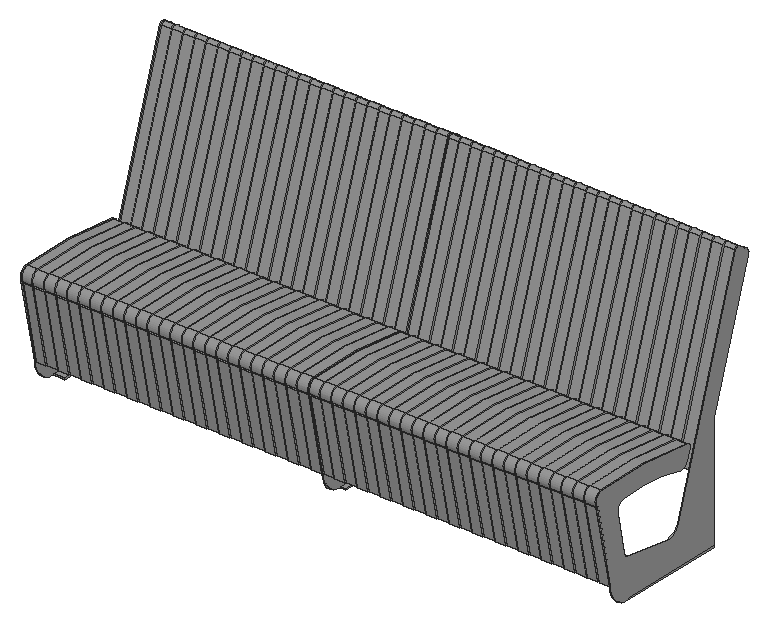
Revit family "15496 Скамейка стальная «Авиньон» Хоббика", category Антураж, Revit 2018
Family settings
  На основе рабочей плоскости = Нет
  Всегда вертикально = Да
  При загрузке вырезать с полостями = Нет
  Источник визуального образа = Геометрия семейства
  Общий = Нет
  Точка расчета площади = Нет
Parameters (values of type "Версия 2,25 м (3 опоры)")
  Ширина = 740 mm  # constant formula
  Цвет опоры = Сталь
  Цвет лавки = Дерево
  Средняя опора = not([Версия 0,6 м (кресло)])  # yes
  Описание = if([Версия 0,6 м (кресло)], "Скамейка стальная «Авиньон». Версия 0,6 м (кресло)", if([Версия 1,5 м (3 опоры)], "Скамейка стальная «Авиньон». Версия 1,5 м (3 опоры)", if([Версия 1,8 м (3 опоры)], "Скамейка стальная «Авиньон». Версия 1,8 м (3 опоры)", "Скамейка стальная «Авиньон». Версия 2,25 м (3 опоры)")))  # "Скамейка стальная «Авиньон». Версия 2,25 м (3 опоры)"
  Материал изделия = "Сталь, дерево"  # constant formula
  Изображение типоразмера = Скамейка стальная «Авиньон» Арт 15496.jpg
  Изготовитель = "ООО «Хоббика»"  # constant formula
  Длина = if([Версия 0,6 м (кресло)], 600 mm, if([Версия 1,5 м (3 опоры)], 1500 mm, if([Версия 1,8 м (3 опоры)], 1800 mm, 2250 mm)))  # 2250 mm
  Группа модели = "Скамейки"  # constant formula
  Высота = 1000 mm  # constant formula
  Версия 2,25 м (3 опоры) = yes
  Версия 1,8 м (3 опоры) = no
  Версия 1,5 м (3 опоры) = no
  Версия 0,6 м (кресло) = no
  Артикул товара = "Арт. 15496"  # constant formula
  URL = "https://hobbyka.ru/product/skameyka_so_spinkoy_avinon"
Types (5, lengths in mm): name | Средняя опора | Описание | Длина | Версия 2,25 м (3 опоры) | Версия 1,8 м (3 опоры) | Версия 1,5 м (3 опоры) | Версия 0,6 м (кресло)
  (no name) | yes | "Скамейка стальная «Авиньон». Версия 2,25 м (3 опоры)" | 2250 | yes | no | no | no
  Версия 0,6 м (кресло) | no | "Скамейка стальная «Авиньон». Версия 0,6 м (кресло)" | 600 | no | no | no | yes
  Версия 1,5 м (3 опоры) | yes | "Скамейка стальная «Авиньон». Версия 1,5 м (3 опоры)" | 1500 | no | no | yes | no
  Версия 1,8 м (3 опоры) | yes | "Скамейка стальная «Авиньон». Версия 1,8 м (3 опоры)" | 1800 | no | yes | no | no
  Версия 2,25 м (3 опоры) | yes | "Скамейка стальная «Авиньон». Версия 2,25 м (3 опоры)" | 2250 | yes | no | no | no
Reference planes
  plane 1 "По центру (Вперед/Назад)": y = 0
  plane 2: z = 0
  plane 3 "По центру (Влево/Вправо)": x = 0
  plane 4: x = 2250
  plane 5: y = 740
  plane 6: x = 25
  plane 7: x = 2225
  plane 8: z = 1000
Dimensions and locks
  "Ширина": plane 5 to plane 1 "По центру (Вперед/Назад)"
  "Длина": plane 3 "По центру (Влево/Вправо)" to plane 4
  equal spacing: plane 3 "По центру (Влево/Вправо)", nested 4, plane 4
  equal spacing: group 1, group 3, group 4, group 5, group 6, group 7, group 8, group 9, group 10, group 11, group 12, group 13, group 14, group 15, group 16, group 17, group 18, group 19, group 20, group 21, group 22, group 23, group 24, group 25, group 26, group 27, group 28, group 29, group 30, group 31, group 32, group 33, group 34, group 35, group 36, group 37, group 38, group 39, group 40, group 41, group 42, group 43, group 44, group 45, group 46, group 47, group 48, group 49, group 50, group 2  (x3)
  "Высота": plane 8 to level
  aligned and locked: level to plane 2
  aligned and locked: plane 3 "По центру (Влево/Вправо)" to nested 2
  aligned and locked: plane 4 to nested 3
Nested families
  nested 1: "Скамейка стальная «Авиньон» Арт 15496 лавка" at (25, 0, 0), type "Боковая опора"
  nested 2: "Скамейка стальная «Авиньон» Арт 15496 опора" at (0, 0, 0), type "Боковая опора"
  nested 3: "Скамейка стальная «Авиньон» Арт 15496 опора" at (2250, 0, 0) x (-1, 0, 0) z (0, 0, 1), type "Боковая опора"
  nested 4: "Скамейка стальная «Авиньон» Арт 15496 опора" at (1125, 0, 0), visible <- "Средняя опора", type "Средняя опора"
  nested 5: "Скамейка стальная «Авиньон» Арт 15496 лавка" at (2225, 0, 0), type "Боковая опора"
  nested 6: "Скамейка стальная «Авиньон» Арт 15496 лавка" at (69.898, 0, 0), type "Боковая опора"
  nested 7: "Скамейка стальная «Авиньон» Арт 15496 лавка" at (114.796, 0, 0), type "Боковая опора"
  nested 8: "Скамейка стальная «Авиньон» Арт 15496 лавка" at (159.694, 0, 0), type "Боковая опора"
  nested 9: "Скамейка стальная «Авиньон» Арт 15496 лавка" at (204.592, 0, 0), type "Боковая опора"
  nested 10: "Скамейка стальная «Авиньон» Арт 15496 лавка" at (249.49, 0, 0), type "Боковая опора"
  nested 11: "Скамейка стальная «Авиньон» Арт 15496 лавка" at (294.388, 0, 0), type "Боковая опора"
  nested 12: "Скамейка стальная «Авиньон» Арт 15496 лавка" at (339.286, 0, 0), type "Боковая опора"
  nested 13: "Скамейка стальная «Авиньон» Арт 15496 лавка" at (384.184, 0, 0), type "Боковая опора"
  nested 14: "Скамейка стальная «Авиньон» Арт 15496 лавка" at (429.082, 0, 0), type "Боковая опора"
  nested 15: "Скамейка стальная «Авиньон» Арт 15496 лавка" at (473.98, 0, 0), type "Боковая опора"
  nested 16: "Скамейка стальная «Авиньон» Арт 15496 лавка" at (518.878, 0, 0), type "Боковая опора"
  nested 17: "Скамейка стальная «Авиньон» Арт 15496 лавка" at (563.776, 0, 0), type "Боковая опора"
  nested 18: "Скамейка стальная «Авиньон» Арт 15496 лавка" at (608.673, 0, 0), type "Боковая опора"
  nested 19: "Скамейка стальная «Авиньон» Арт 15496 лавка" at (653.571, 0, 0), type "Боковая опора"
  nested 20: "Скамейка стальная «Авиньон» Арт 15496 лавка" at (698.469, 0, 0), type "Боковая опора"
  nested 21: "Скамейка стальная «Авиньон» Арт 15496 лавка" at (743.367, 0, 0), type "Боковая опора"
  nested 22: "Скамейка стальная «Авиньон» Арт 15496 лавка" at (788.265, 0, 0), type "Боковая опора"
  nested 23: "Скамейка стальная «Авиньон» Арт 15496 лавка" at (833.163, 0, 0), type "Боковая опора"
  nested 24: "Скамейка стальная «Авиньон» Арт 15496 лавка" at (878.061, 0, 0), type "Боковая опора"
  nested 25: "Скамейка стальная «Авиньон» Арт 15496 лавка" at (922.959, 0, 0), type "Боковая опора"
  nested 26: "Скамейка стальная «Авиньон» Арт 15496 лавка" at (967.857, 0, 0), type "Боковая опора"
  nested 27: "Скамейка стальная «Авиньон» Арт 15496 лавка" at (1012.755, 0, 0), type "Боковая опора"
  nested 28: "Скамейка стальная «Авиньон» Арт 15496 лавка" at (1057.653, 0, 0), type "Боковая опора"
  nested 29: "Скамейка стальная «Авиньон» Арт 15496 лавка" at (1102.551, 0, 0), type "Боковая опора"
  nested 30: "Скамейка стальная «Авиньон» Арт 15496 лавка" at (1147.449, 0, 0), type "Боковая опора"
  nested 31: "Скамейка стальная «Авиньон» Арт 15496 лавка" at (1192.347, 0, 0), type "Боковая опора"
  nested 32: "Скамейка стальная «Авиньон» Арт 15496 лавка" at (1237.245, 0, 0), type "Боковая опора"
  nested 33: "Скамейка стальная «Авиньон» Арт 15496 лавка" at (1282.143, 0, 0), type "Боковая опора"
  nested 34: "Скамейка стальная «Авиньон» Арт 15496 лавка" at (1327.041, 0, 0), type "Боковая опора"
  nested 35: "Скамейка стальная «Авиньон» Арт 15496 лавка" at (1371.939, 0, 0), type "Боковая опора"
  nested 36: "Скамейка стальная «Авиньон» Арт 15496 лавка" at (1416.837, 0, 0), type "Боковая опора"
  nested 37: "Скамейка стальная «Авиньон» Арт 15496 лавка" at (1461.735, 0, 0), type "Боковая опора"
  nested 38: "Скамейка стальная «Авиньон» Арт 15496 лавка" at (1506.633, 0, 0), type "Боковая опора"
  nested 39: "Скамейка стальная «Авиньон» Арт 15496 лавка" at (1551.531, 0, 0), type "Боковая опора"
  nested 40: "Скамейка стальная «Авиньон» Арт 15496 лавка" at (1596.429, 0, 0), type "Боковая опора"
  nested 41: "Скамейка стальная «Авиньон» Арт 15496 лавка" at (1641.327, 0, 0), type "Боковая опора"
  nested 42: "Скамейка стальная «Авиньон» Арт 15496 лавка" at (1686.224, 0, 0), type "Боковая опора"
  nested 43: "Скамейка стальная «Авиньон» Арт 15496 лавка" at (1731.122, 0, 0), type "Боковая опора"
  nested 44: "Скамейка стальная «Авиньон» Арт 15496 лавка" at (1776.02, 0, 0), type "Боковая опора"
  nested 45: "Скамейка стальная «Авиньон» Арт 15496 лавка" at (1820.918, 0, 0), type "Боковая опора"
  nested 46: "Скамейка стальная «Авиньон» Арт 15496 лавка" at (1865.816, 0, 0), type "Боковая опора"
  nested 47: "Скамейка стальная «Авиньон» Арт 15496 лавка" at (1910.714, 0, 0), type "Боковая опора"
  nested 48: "Скамейка стальная «Авиньон» Арт 15496 лавка" at (1955.612, 0, 0), type "Боковая опора"
  nested 49: "Скамейка стальная «Авиньон» Арт 15496 лавка" at (2000.51, 0, 0), type "Боковая опора"
  nested 50: "Скамейка стальная «Авиньон» Арт 15496 лавка" at (2045.408, 0, 0), type "Боковая опора"
  nested 51: "Скамейка стальная «Авиньон» Арт 15496 лавка" at (2090.306, 0, 0), type "Боковая опора"
  nested 52: "Скамейка стальная «Авиньон» Арт 15496 лавка" at (2135.204, 0, 0), type "Боковая опора"
  nested 53: "Скамейка стальная «Авиньон» Арт 15496 лавка" at (2180.102, 0, 0), type "Боковая опора"
Definition of nested family "Скамейка стальная «Авиньон» Арт 15496 лавка"
  Parameters (values of type "Боковая опора")
    Цвет лавки = none
    Height = 0 mm
  Types (2): name
    Боковая опора
    Средняя опора
  Reference planes
    plane 1 "По центру (Вперед/Назад)": y = 0
    plane 2: z = 0
    plane 3 "По центру (Влево/Вправо)": x = 0
  Forms (mm)
    Extrusion 1, solid, material <- "Цвет лавки"
      sketch origin (0, 0, 0) x (0, 1, 0) y (0, 0, 1)
        loop
          line (456.271, 322.379) -> (479.973, 314.431) -> (707.865, 994.033) -> (701.717, 997.795)
          arc (701.717, 997.795) -> (690.377, 999.583) -> (681.094, 992.829) r 15
          line (681.094, 992.829) -> (456.271, 322.379)
        loop
          line (70.257, 83.402) -> (94.711, 88.6) -> (31.387, 386.519) -> (5.828, 386.519) -> (70.257, 83.402)
        loop
          line (4.765, 391.519) -> (30.324, 391.519) -> (27.946, 402.706)
          arc (27.946, 402.706) -> (25.11, 409.409) -> (30.149, 414.662) r 6.616
          arc (30.149, 414.662) -> (241.698, 416.42) -> (451.714, 390.937) r 1640.333
          line (451.714, 390.937) -> (455.009, 400.763)
          arc (455.009, 400.763) -> (454.32, 410.716) -> (446.795, 417.266) r 13.034
          arc (446.795, 417.266) -> (237.674, 441.677) -> (27.143, 439.508) r 1665.333
          arc (27.143, 439.508) -> (2.962, 421.572) -> (4.765, 391.519) r 31.616
      from -20 to 20
  Dimensions and locks
    aligned and locked: level to plane 2
Definition of nested family "Скамейка стальная «Авиньон» Арт 15496 опора"
  Parameters (values of type "Средняя опора")
    Цвет опоры = none
    Средняя опора = yes
    Height = 0 mm
    Боковая опора = no
  Types (3, lengths in mm): name | Средняя опора | Боковая опора
    (no name) | yes | no
    Боковая опора | no | yes
    Средняя опора | yes | no
  Reference planes
    plane 1 "По центру (Вперед/Назад)": y = 0
    plane 2: z = 0
    plane 3 "По центру (Влево/Вправо)": x = 0
  Forms (mm)
    Extrusion 1, solid, material <- "Цвет опоры", visible <- "Боковая опора"
      sketch origin (0, 0, 0) x (0, 1, 0) y (0, 0, 1)
        loop
          line (573.543, 0) -> (573.543, 454.588) -> (739.394, 949.176)
          arc (739.394, 949.176) -> (739.157, 967.713) -> (727.423, 982.066) r 28.088
          line (727.423, 982.066) -> (701.717, 997.795)
          arc (701.717, 997.795) -> (690.377, 999.583) -> (681.094, 992.829) r 15
          line (681.094, 992.829) -> (401.313, 158.489)
          arc (401.313, 158.489) -> (382.406, 133.187) -> (352.164, 124.075) r 50.48
          line (352.164, 124.075) -> (159.062, 151.213)
          arc (159.062, 151.213) -> (141.562, 158.462) -> (134.313, 175.962) r 24.749
          line (134.313, 175.962) -> (103.126, 322.684)
          arc (103.126, 322.684) -> (108.561, 349.398) -> (131.805, 363.642) r 34.183
          arc (131.805, 363.642) -> (269.377, 367.597) -> (404.45, 341.194) r 621.851
          arc (404.45, 341.194) -> (425.856, 342.613) -> (440.702, 358.098) r 29.653
          line (440.702, 358.098) -> (455.009, 400.763)
          arc (455.009, 400.763) -> (454.32, 410.716) -> (446.795, 417.266) r 13.034
          arc (446.795, 417.266) -> (237.674, 441.677) -> (27.143, 439.508) r 1665.333
          arc (27.143, 439.508) -> (2.962, 421.572) -> (4.765, 391.519) r 31.616
          line (4.765, 391.519) -> (70.257, 83.402)
          arc (70.257, 83.402) -> (94.685, 24.428) -> (153.66, 0) r 83.402
          line (153.66, 0) -> (573.543, 0)
      from 0 to 5
    Extrusion 2, solid, material <- "Цвет опоры", visible <- "Боковая опора"
      sketch origin (0, 0, 0) x (0, 1, 0) y (0, 0, 1)
        loop
          line (153.66, 0) -> (573.543, 0) -> (573.543, 5) -> (153.66, 5) -> (153.66, 0)
      from 0 to 50
    Extrusion 3, solid, material <- "Цвет опоры", visible <- "Средняя опора"
      sketch origin (0, 0, 0) x (0, 1, 0) y (0, 0, 1)
        loop
          line (573.543, 0) -> (573.543, 454.588) -> (739.394, 949.176)
          arc (739.394, 949.176) -> (739.157, 967.713) -> (727.423, 982.066) r 28.088
          line (727.423, 982.066) -> (701.717, 997.795)
          arc (701.717, 997.795) -> (690.377, 999.583) -> (681.094, 992.829) r 15
          line (681.094, 992.829) -> (401.313, 158.489)
          arc (401.313, 158.489) -> (382.406, 133.187) -> (352.164, 124.075) r 50.48
          line (352.164, 124.075) -> (159.062, 151.213)
          arc (159.062, 151.213) -> (141.562, 158.462) -> (134.313, 175.962) r 24.749
          line (134.313, 175.962) -> (103.126, 322.684)
          arc (103.126, 322.684) -> (108.561, 349.398) -> (131.805, 363.642) r 34.183
          arc (131.805, 363.642) -> (269.377, 367.597) -> (404.45, 341.194) r 621.851
          arc (404.45, 341.194) -> (425.856, 342.613) -> (440.702, 358.098) r 29.653
          line (440.702, 358.098) -> (455.009, 400.763)
          arc (455.009, 400.763) -> (454.32, 410.716) -> (446.795, 417.266) r 13.034
          arc (446.795, 417.266) -> (237.674, 441.677) -> (27.143, 439.508) r 1665.333
          arc (27.143, 439.508) -> (2.962, 421.572) -> (4.765, 391.519) r 31.616
          line (4.765, 391.519) -> (70.257, 83.402)
          arc (70.257, 83.402) -> (94.685, 24.428) -> (153.66, 0) r 83.402
          line (153.66, 0) -> (573.543, 0)
      from -2.5 to 2.5
    Extrusion 4, solid, material <- "Цвет опоры", visible <- "Средняя опора"
      sketch origin (0, 0, 0) x (0, 1, 0) y (0, 0, 1)
        loop
          line (153.66, 0) -> (573.543, 0) -> (573.543, 5) -> (153.66, 5) -> (153.66, 0)
      from -25 to 25
  Dimensions and locks
    aligned and locked: level to plane 2
